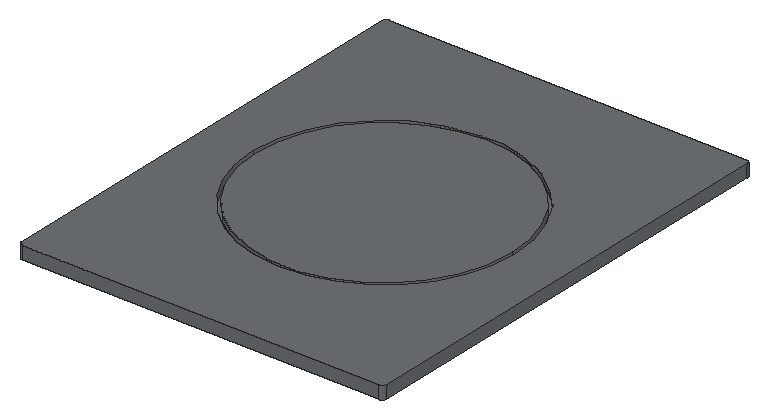
Revit family "Grohe_FlushPlate_SpaPremium_1046450000", category Plumbing Fixtures, host Face, Revit 2022
Family settings
  Host = Face
  Round Connector Dimension = Use Diameter
  Part Type = Normal
  Cut with Voids When Loaded = No
  Maintain Annotation Orientation = No
  Shared = No
  Room Calculation Point = No
Parameters (values of type "SPA Flush Plate (1046450000)")
  _ObjectUserGuide = "https://www.bimstore.co/products/spa-flush-plate-1046450000/document/object-user-guide"
  _DistributedBy = "https://www.bimstore.co/"
  _CurrentRevision = 1
  _CreatedBy = "https://www.bimstore.co/"
  _BimSpecGuid = 0
  _BSBibleVersion = 17
  _AuthorizedBy = "bimstore"
  _Author = "AM 191"
  Waste Connection = no
  WarrantyStartDate [instance] = "Please Record on Commissioning"
  WarrantyGuarantorParts = "info-uk@grohe.com"
  WarrantyGuarantorLabor = "info-uk@grohe.com"
  WarrantyDurationUnit = "Years"
  WarrantyDurationParts = "0"
  WarrantyDurationLabor = "0"
  WarrantyDescription = "n/a"
  Vent Connection = no
  URL = "https://www.grohe.co.uk/"
  TypeName = "SPA Flush Plate"
  Type Comments = "SPA Flush Plate"
  TPIDocumentLink = "https://cdn.cloud.grohe.com/tpi/2000/2200/2220/2226/2226057/original/2226057.pdf"
  SustainabilityReport = "green.grohe.com/reporting"
  SustainabilityAward = "green.grohe.com/awards"
  SpareParts = "info-uk@grohe.com"
  Size = "n/a"
  Shape = "n/a"
  SerialNumber [instance] = "Please Record on Commissioning"
  ReplacementCost = "n/a"
  ReferencedStandard = "n/a"
  ProductionYear = "2024"
  ProductType = "n/a"
  ProductShortText = "Flush plate with soft touch actuation"
  ProductNumber = "1046450000"
  ProductDescription = "for dual flush actuation\r\nfor pneumatic discharge valve AV1\r\nvertical installation\r\n160 x 201 mm\r\nmaterial: ABS\r\nGROHE Long-Life finish\r\nGROHE Water Saving - Less water, perfect flow\r\nfor combination with Rapid SL and Uniset with GD 2 cistern, slim cistern and 80 mm cistern\r\ncompatible with auto flush of Sensia Arena, Sensia Pro and Hygiena\r\n6 V lithium battery, type CR-P2\r\nbattery lifetime: 4 years for a 3 person household (approx. 17000 actuations)\r\nbattery status warning\r\nauto flush\r\ncleaning mode\r\nfor mains supply please order transformer 42 470 000"
  PrimaryMaterial = Grohe_Anthracite
  PQDiagramLink = "n/a"
  NominalLength = 0 mm
  NominalHeight = 0 mm
  NominalDepth = 0 mm
  NBSReference = "90-15-35/470"
  NBSOfficeMasterTag = "n/a"
  NBSObjectName = "Grohe - Flush control devices"
  NBSNote = "n/a"
  NBSDescription = "Flush control devices"
  ModelReference = "SPA Flush Plate"
  ModelNumber = "1046450000"
  Model = "1046450000"
  Material = "n/a"
  ManufacturerName = "Grohe"
  Manufacturer = "Grohe"
  Keynote = "N13"
  InstallationDate [instance] = "Please Record on Commissioning"
  IfcExportType = "IfcPipeFittingType"
  IfcExportAs = "IfcPipeFitting"
  HW Connection = no
  Grade = "n/a"
  GROHESustainability = "green.grohe.com"
  GROHESocialCommittment = "green.grohe.com/social_engagement"
  FullRecyclabilityOfPlastic = "All plastic components are fully recycable"
  Finish = "n/a"
  Features = "n/a"
  ExpectedLife = 0
  Ecojoy = no
  EF023752 = "true"
  EF023751 = "true"
  EF020828 = "false"
  EF020827 = "true"
  EF010109 = "false"
  EF006949 = "Pneumatic"
  EF006331 = "false"
  EF002169 = "Plastic"
  EF002147 = "Two button"
  EF001438 = "51"
  EF000040 = "201"
  EF000008 = "160"
  EF000007 = "Anthracite"
  DurationUnit = "Years"
  DocumentationTechnical = "https://www.bimstore.co/products/spa-flush-plate-1046450000/document/technical-data-sheet"
  DocumentationMaintenance = "https://www.bimstore.co/products/spa-flush-plate-1046450000/document/maintenance-information"
  DocumentationLiterature = "https://www.bimstore.co/products/spa-flush-plate-1046450000/document/product-literature"
  DocumentationInstallationGuide = "https://www.bimstore.co/products/spa-flush-plate-1046450000/document/installation-guide"
  DocumentationCertificates = "https://www.bimstore.co/products/spa-flush-plate-1046450000/document/product-certificates"
  DimensionsDocumentLink = "https://cdn.cloud.grohe.com/dimdraw/100000/100000/100000/100300/100360/100365/100365178/1280/100365178.jpg"
  Description = "SPA Flush Plate"
  Default Elevation = 0 mm
  CreatedOn = "2024-09-04T:09:00:00"
  CreatedBy = "info-uk@grohe.com"
  CradleToCradleCertification = "n/a"
  Cost = 0
  Constituents = "n/a"
  Color = "Anthracite"
  CodePerformance = "n/a"
  ClassificationValue = "Pr_75_50_46_31"
  ClassificationName = "Uniclass2015"
  CW Connection = no
  CO2NeutralProduction = "GROHE is one of the first leading manufacturer within the sanitary industry having a CO2-neutral production."
  BarCode [instance] = "Please Record on Commissioning"
  BIMObjectName = "Grohe_FlushPlate_SpaPremium_1046450000"
  AssetType = "Fixed"
  AssetIdentifier [instance] = "n/a"
  Assembly Code = ""
  AccessibilityPerformance = "n/a"
Reference planes
  plane 1 "Center (Front/Back)": y = 0
  plane 2: z = 0
  plane 3 "Center (Left/Right)": x = 0
Forms (mm)
  Extrusion 1, solid, material "Grohe_Anthracite" <- "PrimaryMaterial"
    sketch origin (0, 0, 0) x (1, 0, 0) y (0, 1, 0)
      loop
        line (78, 100.5) -> (-78, 100.5)
        arc (-78, 100.5) -> (-79.414, 99.914) -> (-80, 98.5) r 2
        line (-80, 98.5) -> (-80, -98.5)
        arc (-80, -98.5) -> (-79.414, -99.914) -> (-78, -100.5) r 2
        line (-78, -100.5) -> (78, -100.5)
        arc (78, -100.5) -> (79.414, -99.914) -> (80, -98.5) r 2
        line (80, -98.5) -> (80, 98.5)
        arc (80, 98.5) -> (79.414, 99.914) -> (78, 100.5) r 2
      loop
        circle (0, 0) r 57.501
      loop
        circle (0, 0) r 56
    from 0 to 5.5
  Extrusion 2, solid, material "Grohe_Anthracite" <- "PrimaryMaterial"
    sketch origin (0, 0, 0) x (1, 0, 0) y (0, 1, 0)
      loop
        circle (0, 0) r 57.501
    from 0 to 2.75
Cuts and joins
  joined: Extrusion 1, Extrusion 2
Dimensions and locks
  aligned and locked: plane 2 to host face
  aligned and locked: level to host face
